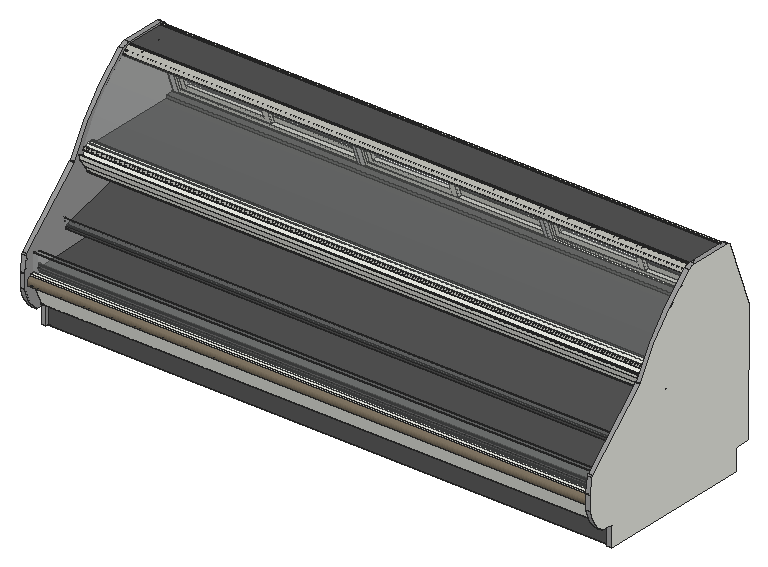
Revit family "CR3-B_2014", category Specialty Equipment, Revit 2014
Parameters (values of type "12'-0" Length")
  Width = 144"
  Waste Drain = 1 1/2"  # constant formula
  Upper Drain = if(Width = 48", 32", if(Width = 72", 44", if(Width = 96", 56", if(Width = 120", 56", if(Width = 144", 77", 0")))))  # 77"
  URL = "www.hussmann.com"
  Type Comments = "Chino"  # constant formula
  Trim = Stainless Steel
  Total Weight = Case Weight + (2 * End Weight)  # 0.00 lbf
  Splashguard = Textured Sheet Metal (Steel Painted) - 701 Black
  Side Panel - Right [instance] = yes
  Side Panel - Left [instance] = yes
  Shelves = Sheet Metal (Steel Painted) - 701 Black
  Revit Family Date = "04/20/2016"  # constant formula
  Refrigeration Lines Suction = 5/8"  # constant formula
  Refrigeration Lines Liquid = 3/8"  # constant formula
  Refrig. Suction = "Suction"
  Refrig. Liquid = "Liquid"
  Number of Supports = if(Width < 70", 2, if(Width < 140", 3, 4))  # 4
  Note from Manufacturer = "This model only comes in 4'-0\", 6'-0\", 8'-0\", 10'-0\" and 12'-0\" lengths."
  Model URL = "http://www.hussmann.com/en/product%20viewer/display-cases/R3B,%20CR3B"
  Model = "CR3-B"  # constant formula
  Manufacturer Disclaimer = "The information in this file is not intended to be an exact representation of the corresponding Hussmann product.  Further, we reserve the right to change or revise specifications and product design in connection with any feature of our products. Such changes do not entitle the buyer to corresponding changes, improvements, additions, or replacements for equipment previously sold or shipped."  # constant formula
  Manufacturer = "Hussmann Corporation"  # constant formula
  Lower Drain = if(Width = 48", 7", if(Width = 72", 41", if(Width = 96", 53", if(Width = 120", 53", if(Width = 144", 65", 0")))))  # 65"
  Height = 53"  # constant formula
  Glazing = Glass
  Ends = Textured Sheet Metal (Steel Painted) - 149 White Satin Matte
  End Weight = 0.00 lbf  # constant formula
  Door Frame = Plastic - 144 Mist Gray
  Description = "Refrigerated Service and Self-Service Bakery Merchandiser with Rear Storage - Curved Glass"  # constant formula
  Depth = 50 1/16"  # constant formula
  Cutsheet URL = "http://www.hussmann.com/en/Product%20Sheets/R3_Family_Selection_Guide_042012_En.pdf"
  Case Weight = if(Width = 48", 0.00 lbf, if(Width = 72", 0.00 lbf, if(Width = 96", 0.00 lbf, if(Width = 120", 0.00 lbf, if(Width = 144", 0.00 lbf, 0.00 lbf)))))  # 0.00 lbf
  Case Interior - Side Panel = Stainless Steel
  Case Interior - Back Panel = Stainless Steel
  Case = Textured Sheet Metal (Steel Painted) - 149 White Satin Matte
  Bumper = Extruded PVC - 747 Chocolate Brown
  Assembly Code = ""
  Accessories/Options = ""
  8 Case = Width = 96"  # no
  6 Case = Width = 72"  # no
  4 Case = Width = 48"  # no
  12 Case = Width = 144"  # yes
  10 Case = Width = 120"  # no
Reference planes (in)
  plane 1 "Back": y = 0
  plane 2 "Bottom": z = 0
  plane 3 "Left": x = -77.30699
  plane 4 "Center (Left/Right)": x = -5.30699
  plane 5: x = -78.43199
  plane 6 "Right": x = 66.69301
  plane 7: x = 67.81801
  plane 8: z = 53
  plane 9: y = -50.0625
Forms (in)
  Extrusion 1, solid, material "Metal - Copper"
    sketch origin (63.0625, 1.04319, 0) x (1, 0, 0) y (0, 1, 0)
      loop
        arc (-76.49449, -39.16819) -> (-77.02482, -39.38786) -> (-77.24449, -39.91819) r 0.75
        arc (-77.24449, -39.91819) -> (-77.02482, -40.44852) -> (-76.49449, -40.66819) r 0.75
        arc (-76.49449, -40.66819) -> (-75.96416, -40.44852) -> (-75.74449, -39.91819) r 0.75
        arc (-75.74449, -39.91819) -> (-75.96416, -39.38786) -> (-76.49449, -39.16819) r 0.75
      loop
        circle (-76.49449, -39.91819) r 0.7102
    from 5.98508 to 0
  Extrusion 2, solid, material "Metal - Copper"
    sketch origin (57.40105, 5, -0.375) x (1, 0, 0) y (0, 1, 0)
      loop
        circle (2.97946, -42.125) r 0.28859
      loop
        circle (2.97946, -42.125) r 0.3125
    from 6.36008 to 0.375
  Extrusion 3, solid, material "Metal - Copper"
    sketch origin (59.82608, 5, -0.375) x (1, 0, 0) y (0, 1, 0)
      loop
        circle (1.05443, -42.125) r 0.17188
      loop
        circle (1.05443, -42.125) r 0.1875
    from 6.36008 to 0.375
  Extrusion 4, solid, material "Textured Sheet Metal (Steel Painted) - 149 White Satin Matte" <- "Case"
    sketch origin (-5.30699, 0, 0) x (0, 1, 0) y (0, 0, 1)
      loop
        line (-33.36568, 34.61012) -> (-33.04856, 33.47902) -> (-31.7032, 31.45909) -> (-31.64948, 31.49094) -> (-30.7947, 30.01115) -> (-30.8313, 29.99002) -> (-30.69968, 29.76205)
        arc (-30.69968, 29.76205) -> (-30.66021, 29.73177) -> (-30.61089, 29.73826) r 0.065
        line (-30.61089, 29.73826) -> (-29.77517, 30.22076)
        arc (-29.77517, 30.22076) -> (-29.74489, 30.26023) -> (-29.75138, 30.30955) r 0.065
        line (-29.75138, 30.30955) -> (-29.85311, 30.48575)
        arc (-29.85311, 30.48575) -> (-29.85611, 30.50851) -> (-29.84213, 30.52673) r 0.03
        line (-29.84213, 30.52673) -> (-29.62575, 30.65165) -> (-28.74969, 30.65165) -> (-27.92081, 30.17255) -> (-25.08971, 27.77832)
        arc (-25.08971, 27.77832) -> (-25.07009, 27.76692) -> (-25.04774, 27.76295) r 0.065
        line (-25.04774, 27.76295) -> (-22.46115, 27.76295) -> (-21.49557, 26.79737) -> (-21.49557, 24.19301) -> (-21.62938, 23.48803)
        arc (-21.62938, 23.48803) -> (-21.57491, 23.41154) -> (-21.50086, 23.46931) r 0.065
        line (-21.50086, 23.46931) -> (-21.46057, 23.8667) -> (-21.46057, 24.58807) -> (-21.33057, 24.58807) -> (-21.33057, 28.20482) -> (-18.84907, 28.20482) -> (-18.84907, 11.22133) -> (-19.81272, 11.22133) -> (-19.81272, 10.98732) -> (-18.87522, 10.98732) -> (-18.87522, 8.47125) -> (-19.73888, 7.60758) -> (-45.15796, 7.60758) -> (-45.15796, 12.7762) -> (-44.11572, 12.7762) -> (-44.11572, 12.67958) -> (-44.18605, 12.4171) -> (-44.12568, 12.40092) -> (-44.05322, 12.67135) -> (-44.05322, 12.89308) -> (-43.99511, 12.89308) -> (-43.99511, 13.23808)
        arc (-43.99511, 13.23808) -> (-44.02205, 13.30313) -> (-44.08711, 13.33008) r 0.092
        line (-44.08711, 13.33008) -> (-44.43211, 13.33008) -> (-44.43211, 13.92649)
        arc (-44.43211, 13.92649) -> (-44.45905, 13.99154) -> (-44.52411, 14.01849) r 0.092
        line (-44.52411, 14.01849) -> (-45.46611, 14.01849)
        arc (-45.46611, 14.01849) -> (-45.53116, 13.99154) -> (-45.55811, 13.92649) r 0.092
        line (-45.55811, 13.92649) -> (-45.55811, 13.33008) -> (-45.99511, 13.33008) -> (-45.99511, 13.26808) -> (-47.2961, 13.26808) -> (-47.61711, 13.58908) -> (-47.61711, 13.96008) -> (-47.67961, 13.96008) -> (-47.67961, 13.11258) -> (-48.16704, 13.11258) -> (-48.16704, 14.20466)
        arc (-48.16704, 14.20466) -> (-48.19413, 14.27007) -> (-48.25954, 14.29716) r 0.0925
        line (-48.25954, 14.29716) -> (-48.9713, 14.29716)
        arc (-48.9713, 14.29716) -> (-49.03671, 14.27007) -> (-49.0638, 14.20466) r 0.0925
        line (-49.0638, 14.20466) -> (-49.0638, 11.58133)
        arc (-49.0638, 11.58133) -> (-49.03671, 11.51592) -> (-48.9713, 11.48883) r 0.0925
        line (-48.9713, 11.48883) -> (-48.01131, 11.48883) -> (-45.35429, 5.77636)
        arc (-45.35429, 5.77636) -> (-45.29258, 5.73883) -> (-45.23429, 5.78148) r 0.065
        line (-45.23429, 5.78148) -> (-45.15996, 5.98508) -> (-3.85387, 5.98508) -> (-3.85387, 5.91108) -> (-3.07295, 5.91108)
        arc (-3.07295, 5.91108) -> (-3.03315, 5.91899) -> (-2.99941, 5.94154) r 0.104
        line (-2.99941, 5.94154) -> (-2.31033, 6.63062)
        arc (-2.31033, 6.63062) -> (-2.28779, 6.66436) -> (-2.27987, 6.70416) r 0.104
        line (-2.27987, 6.70416) -> (-2.27987, 7.41108) -> (-0.92787, 7.41108) -> (-0.92787, 6.49062) -> (-1.0286, 5.91937)
        arc (-1.0286, 5.91937) -> (-1.01438, 5.8663) -> (-0.96459, 5.84308) r 0.065
        line (-0.96459, 5.84308) -> (-0.33657, 5.84308)
        arc (-0.33657, 5.84308) -> (-0.29061, 5.86212) -> (-0.27157, 5.90808) r 0.065
        line (-0.27157, 5.90808) -> (-0.27157, 7.54708) -> (-18.65057, 7.54708) -> (-18.65057, 28.41908) -> (-0.20665, 28.41908) -> (-0.20665, 35.15451) -> (-0.27598, 35.41322) -> (-0.062, 35.41322) -> (-0.062, 35.28806) -> (-0.08379, 35.03772) -> (-0.02202, 35.03232) -> (0, 35.28405) -> (0, 35.91542)
        arc (0, 35.91542) -> (-0.0014, 35.9314) -> (-0.00555, 35.94689) r 0.092
        line (-0.00555, 35.94689) -> (-0.11802, 36.2559)
        arc (-0.11802, 36.2559) -> (-0.16559, 36.30782) -> (-0.23594, 36.31089) r 0.092
        line (-0.23594, 36.31089) -> (-2.27433, 35.56897) -> (-4.51597, 35.56897)
        arc (-4.51597, 35.56897) -> (-4.57511, 35.54745) -> (-4.60657, 35.49295) r 0.092
        line (-4.60657, 35.49295) -> (-4.70058, 34.95983) -> (-4.63952, 34.94906) -> (-4.54551, 35.48218)
        arc (-4.54551, 35.48218) -> (-4.53525, 35.49995) -> (-4.51597, 35.50697) r 0.03
        line (-4.51597, 35.50697) -> (-2.98133, 35.50697) -> (-2.94721, 35.41322) -> (-3.2434, 35.41322)
        arc (-3.2434, 35.41322) -> (-3.31694, 35.38276) -> (-3.3474, 35.30922) r 0.104
        line (-3.3474, 35.30922) -> (-3.3474, 34.77931) -> (-26.31188, 34.77931)
        arc (-26.31188, 34.77931) -> (-26.33441, 34.85188) -> (-26.40369, 34.88308) r 0.0925
        line (-26.40369, 34.88308) -> (-29.81917, 34.88308) -> (-29.81917, 35.15653) -> (-29.81917, 36.32406)
        arc (-29.81917, 36.32406) -> (-29.8382, 36.37002) -> (-29.88417, 36.38906) r 0.065
        line (-29.88417, 36.38906) -> (-30.59463, 36.38906)
        arc (-30.59463, 36.38906) -> (-30.62338, 36.38236) -> (-30.6462, 36.36363) r 0.065
        line (-30.6462, 36.36363) -> (-31.5477, 35.18877) -> (-31.50775, 35.15812) -> (-32.26162, 34.17566)
        arc (-32.26162, 34.17566) -> (-32.27842, 34.16475) -> (-32.29834, 34.16684) r 0.03
        line (-32.29834, 34.16684) -> (-33.08729, 34.5431) -> (-33.06355, 34.60387) -> (-33.27944, 34.68821)
        arc (-33.27944, 34.68821) -> (-33.34673, 34.67585) -> (-33.36568, 34.61012) r 0.065
      loop
        line (-7.7013, 52.90428) -> (-17.15757, 52.90428) -> (-17.15757, 50.81867) -> (-15.27268, 50.81867)
        arc (-15.27268, 50.81867) -> (-15.31864, 50.79963) -> (-15.33768, 50.75367) r 0.065
        line (-15.33768, 50.75367) -> (-15.33768, 49.56367)
        arc (-15.33768, 49.56367) -> (-15.31864, 49.51771) -> (-15.27268, 49.49867) r 0.065
        line (-15.27268, 49.49867) -> (-14.92768, 49.49867) -> (-14.92768, 49.53609)
        arc (-14.92768, 49.53609) -> (-14.89911, 49.53742) -> (-14.88107, 49.55961) r 0.035
        line (-14.88107, 49.55961) -> (-14.67768, 50.31867) -> (-13.55268, 50.31867) -> (-13.34925, 49.55947)
        arc (-13.34925, 49.55947) -> (-13.33673, 49.54086) -> (-13.31548, 49.53367) r 0.035
        line (-13.31548, 49.53367) -> (-12.94048, 49.53367) -> (-12.94048, 49.57098)
        arc (-12.94048, 49.57098) -> (-12.90599, 49.59425) -> (-12.89268, 49.63367) r 0.065
        line (-12.89268, 49.63367) -> (-12.89268, 50.75367)
        arc (-12.89268, 50.75367) -> (-12.91172, 50.79963) -> (-12.95768, 50.81867) r 0.065
        line (-12.95768, 50.81867) -> (-8.18319, 50.81867) -> (-8.3657, 50.31723)
        arc (-8.3657, 50.31723) -> (-8.3631, 50.25759) -> (-8.31908, 50.21726) r 0.078
        line (-8.31908, 50.21726) -> (-7.21684, 49.81607)
        arc (-7.21684, 49.81607) -> (-7.19016, 49.81137) -> (-7.16349, 49.81607) r 0.078
        line (-7.16349, 49.81607) -> (-5.87825, 50.28386)
        arc (-5.87825, 50.28386) -> (-5.83424, 50.32419) -> (-5.83163, 50.38383) r 0.078
        arc (-5.83163, 50.38383) -> (-5.78406, 50.33192) -> (-5.71372, 50.32885) r 0.092
        line (-5.71372, 50.32885) -> (-5.41208, 50.43863)
        arc (-5.41208, 50.43863) -> (-5.36016, 50.4862) -> (-5.35709, 50.55655) r 0.092
        line (-5.35709, 50.55655) -> (-6.30348, 53.15672)
        arc (-6.30348, 53.15672) -> (-6.41404, 53.30081) -> (-6.58726, 53.35543) r 0.302
        line (-6.58726, 53.35543) -> (-7.1713, 53.35543)
        arc (-7.1713, 53.35543) -> (-7.23635, 53.32848) -> (-7.2633, 53.26343) r 0.092
        line (-7.2633, 53.26343) -> (-7.2633, 52.98303) -> (-7.6233, 52.98303)
        arc (-7.6233, 52.98303) -> (-7.67872, 52.95992) -> (-7.7013, 52.90428) r 0.078
    from 72 to -72
  Extrusion 5, solid, material "Sheet Metal (Steel Painted) - 701 Black" <- "Shelves"
    sketch origin (-5.30699, 0, 0) x (0, 1, 0) y (0, 0, 1)
      loop
        line (-46.30462, 14.45678) -> (-46.29104, 14.03416) -> (-20.77257, 14.85426) -> (-20.77257, 24.58807) -> (-21.46057, 24.58807) -> (-21.46057, 15.29022) -> (-46.30575, 14.49176)
        arc (-46.30575, 14.49176) -> (-46.32723, 14.49986) -> (-46.3367, 14.52078) r 0.03
        line (-46.3367, 14.52078) -> (-46.36785, 15.49028)
        arc (-46.36785, 15.49028) -> (-46.44056, 15.55273) -> (-46.49644, 15.47486) r 0.065
        line (-46.49644, 15.47486) -> (-46.42607, 15.13915) -> (-46.39182, 15.14633) -> (-46.37168, 14.51966)
        arc (-46.37168, 14.51966) -> (-46.35117, 14.47433) -> (-46.30462, 14.45678) r 0.065
    from 72 to -72
  Extrusion 6, solid, material "Sheet Metal (Steel Painted) - 701 Black" <- "Shelves"
    sketch origin (-5.30699, 0, 0) x (0, 1, 0) y (0, 0, 1)
      loop
        arc (-37.37591, 20.55304) -> (-37.41386, 20.52392) -> (-37.4201, 20.4765) r 0.0625
        line (-37.4201, 20.4765) -> (-37.20032, 19.65628) -> (-37.45375, 19.58853) -> (-37.62233, 20.31883) -> (-37.68275, 20.30488) -> (-37.51403, 19.5741)
        arc (-37.51403, 19.5741) -> (-37.48555, 19.53491) -> (-37.43757, 19.52816) r 0.062
        line (-37.43757, 19.52816) -> (-36.59239, 19.75463) -> (-36.60996, 19.82019)
        arc (-36.60996, 19.82019) -> (-36.5977, 19.83875) -> (-36.59726, 19.86099) r 0.04
        line (-36.59726, 19.86099) -> (-36.77098, 20.52878) -> (-35.92628, 20.75209) -> (-35.88731, 20.60665) -> (-35.804, 20.62897)
        arc (-35.804, 20.62897) -> (-35.77744, 20.62547) -> (-35.76113, 20.60422) r 0.035
        line (-35.76113, 20.60422) -> (-35.68092, 20.30489)
        arc (-35.68092, 20.30489) -> (-35.66826, 20.27965) -> (-35.64666, 20.26146) r 0.07
        line (-35.64666, 20.26146) -> (-35.12588, 19.97927)
        arc (-35.12588, 19.97927) -> (-35.04917, 19.98586) -> (-35.02491, 20.05893) r 0.07
        line (-35.02491, 20.05893) -> (-35.07702, 20.25341) -> (-21.79848, 23.74887)
        arc (-21.79848, 23.74887) -> (-21.76053, 23.77799) -> (-21.75428, 23.82542) r 0.0625
        line (-21.75428, 23.82542) -> (-21.9484, 24.54987)
        arc (-21.9484, 24.54987) -> (-21.97752, 24.58782) -> (-22.02494, 24.59406) r 0.0625
        line (-22.02494, 24.59406) -> (-37.37591, 20.55304)
    from 72 to -72
  Extrusion 7, solid, material "Glass" <- "Glazing"
    sketch origin (-5.30699, 0, 0) x (0, 1, 0) y (0, 0, 1)
      loop
        line (-38.15322, 22.24812) -> (-37.44146, 19.59182) -> (-37.19994, 19.65639) -> (-37.91173, 22.31283)
        arc (-37.91173, 22.31283) -> (-38.06483, 22.40122) -> (-38.15322, 22.24812) r 0.125
    from 72 to -72
  Extrusion 8, solid, material "Glass" <- "Glazing"
    sketch origin (-5.30699, 0, 0) x (0, 1, 0) y (0, 0, 1)
      loop
        line (-48.16704, 18.6907) -> (-48.16704, 13.11258) -> (-47.67961, 13.11258) -> (-47.67961, 18.61243)
        arc (-47.67961, 18.61243) -> (-47.88997, 18.85926) -> (-48.16704, 18.6907) r 0.25
    from 72 to -72
  Extrusion 9, solid, material "Extruded PVC - 747 Chocolate Brown" <- "Bumper"
    sketch origin (-5.30699, 0, 0) x (0, 1, 0) y (0, 0, 1)
      loop
        arc (-49.0638, 13.97878) -> (-50.0638, 12.72878) -> (-49.0638, 11.47878) r 1.28125
        line (-49.0638, 11.47878) -> (-49.0638, 13.97878)
    from 72 to -72
  Extrusion 10, solid, material "Sheet Metal (Steel Painted) - 701 Black" <- "Shelves"
    sketch origin (-5.30699, 0, 0) x (0, 1, 0) y (0, 0, 1)
      loop
        line (-7.38303, 53.29798) -> (-17.05429, 53.29798) -> (-17.09366, 53.25861) -> (-17.09366, 53.02831) -> (-16.98879, 52.90767) -> (-16.79783, 52.90767) -> (-16.73329, 52.98302) -> (-7.38303, 52.98302) -> (-7.34366, 53.02239) -> (-7.34366, 53.25861) -> (-7.38303, 53.29798)
    from 72 to -72
  Extrusion 11, solid, material "Plastic - 144 Mist Gray" <- "Door Frame"
    sketch origin (-5.30699, 0, 0) x (0, 1, 0) y (0, 0, 1)
      loop
        arc (-17.49697, 53.1507) -> (-18.54539, 52.68834) -> (-19.29571, 51.82233) r 2.61653
        arc (-19.29571, 51.82233) -> (-19.29445, 51.78042) -> (-19.25613, 51.76342) r 0.03937
        line (-19.25613, 51.76342) -> (-18.51624, 52.31424)
        arc (-18.51624, 52.31424) -> (-18.45713, 52.32888) -> (-18.40525, 52.29699) r 0.07874
        line (-18.40525, 52.29699) -> (-18.34364, 52.21115) -> (-18.47144, 52.20306) -> (-18.52318, 52.0834) -> (-18.46607, 52.00655)
        arc (-18.46607, 52.00655) -> (-18.45877, 51.97699) -> (-18.47474, 51.95106) r 0.03937
        line (-18.47474, 51.95106) -> (-19.08152, 51.51636)
        arc (-19.08152, 51.51636) -> (-19.10548, 51.47747) -> (-19.09453, 51.43313) r 0.05906
        line (-19.09453, 51.43313) -> (-19.0247, 51.33916)
        arc (-19.0247, 51.33916) -> (-19.01177, 51.33143) -> (-18.99716, 51.33511) r 0.01968
        line (-18.99716, 51.33511) -> (-18.85771, 51.43873) -> (-18.46135, 50.90539)
        arc (-18.46135, 50.90539) -> (-18.36955, 50.82255) -> (-18.25293, 50.78144) r 0.31496
        line (-18.25293, 50.78144) -> (-17.55726, 50.68243)
        arc (-17.55726, 50.68243) -> (-16.71595, 50.65724) -> (-15.88988, 50.81867) r 3.78388
        line (-15.88988, 50.81867) -> (-17.15757, 50.81867) -> (-17.15757, 52.90428) -> (-16.98584, 52.90428) -> (-17.05429, 52.98302) -> (-17.15757, 52.98302) -> (-17.15757, 53.25468)
        arc (-17.15757, 53.25468) -> (-17.16334, 53.2686) -> (-17.17726, 53.27436) r 0.01969
        line (-17.17726, 53.27436) -> (-17.25732, 53.27436)
        arc (-17.25732, 53.27436) -> (-17.42938, 53.04596) -> (-17.51513, 52.77317) r 0.84252
        line (-17.51513, 52.77317) -> (-17.59951, 52.73458)
        arc (-17.59951, 52.73458) -> (-17.55933, 52.93486) -> (-17.47617, 53.12143) r 0.9252
        arc (-17.47617, 53.12143) -> (-17.47711, 53.14278) -> (-17.49697, 53.1507) r 0.01969
      loop
        line (-31.87752, 36.07762) -> (-32.16562, 35.41886)
        arc (-32.16562, 35.41886) -> (-32.16655, 35.37142) -> (-32.13366, 35.33722) r 0.062
        line (-32.13366, 35.33722) -> (-31.90583, 35.23932)
        arc (-31.90583, 35.23932) -> (-31.85882, 35.23852) -> (-31.82477, 35.27094) r 0.062
        line (-31.82477, 35.27094) -> (-31.81081, 35.30212)
        arc (-31.81081, 35.30212) -> (-31.77657, 35.33462) -> (-31.72938, 35.33359) r 0.062
        line (-31.72938, 35.33359) -> (-31.66062, 35.30352)
        arc (-31.66062, 35.30352) -> (-31.60412, 35.35531) -> (-31.62151, 35.42996) r 0.07595
        line (-31.62151, 35.42996) -> (-31.59869, 35.48241) -> (-31.44325, 35.32489) -> (-31.31043, 35.49799) -> (-31.47165, 35.76115)
        arc (-31.47165, 35.76115) -> (-31.40993, 35.80155) -> (-31.41091, 35.87531) r 0.07661
        line (-31.41091, 35.87531) -> (-31.56422, 35.94129)
        arc (-31.56422, 35.94129) -> (-31.58311, 35.9432) -> (-31.59957, 35.93374) r 0.031
        arc (-31.59957, 35.93374) -> (-31.7414, 35.61455) -> (-31.88043, 35.29414) r 40
        line (-31.88043, 35.29414) -> (-32.10949, 35.39432)
        arc (-32.10949, 35.39432) -> (-31.96634, 35.72409) -> (-31.82025, 36.05257) r 40.25
        line (-31.82025, 36.05257) -> (-31.87752, 36.07762)
    from 72 to -72
  Extrusion 12, solid, material "Textured Sheet Metal (Steel Painted) - 701 Black" <- "Splashguard"
    sketch origin (-5.30699, 0, 0) x (0, 1, 0) y (0, 0, 1)
      loop
        arc (-43.33825, 5.48508) -> (-43.363, 5.47483) -> (-43.37325, 5.45008) r 0.035
        line (-43.37325, 5.45008) -> (-43.37325, 0.02008)
        arc (-43.37325, 0.02008) -> (-43.363, -0.00467) -> (-43.33825, -0.01492) r 0.035
        line (-43.33825, -0.01492) -> (-42.83825, -0.01492)
        arc (-42.83825, -0.01492) -> (-42.8135, -0.00467) -> (-42.80325, 0.02008) r 0.035
        line (-42.80325, 0.02008) -> (-42.80325, 0.39508) -> (-42.88512, 0.39508) -> (-42.88512, 5.07508) -> (-42.80325, 5.07508) -> (-42.80325, 5.45008)
        arc (-42.80325, 5.45008) -> (-42.8135, 5.47483) -> (-42.83825, 5.48508) r 0.035
        line (-42.83825, 5.48508) -> (-43.33825, 5.48508)
      loop
        line (-4.19387, 5.48508) -> (-4.19387, 0.45495) -> (-3.8561, 0.05241) -> (-3.47425, -0.01492) -> (-3.46817, 0.01955) -> (-3.83748, 0.08467) -> (-4.15887, 0.46769) -> (-4.15887, 5.48508) -> (-4.19387, 5.48508)
    from 72 to -72
  Extrusion 13, solid, material "Sheet Metal (Steel Painted) - 701 Black" <- "Shelves"
    sketch origin (-5.30699, 0, 0) x (0, 1, 0) y (0, 0, 1)
      loop
        line (-29.74078, 34.97147) -> (-29.74078, 34.93647) -> (-5.49078, 34.93647) -> (-5.49078, 35.53397)
        arc (-5.49078, 35.53397) -> (-5.46603, 35.54422) -> (-5.45578, 35.56897) r 0.035
        line (-5.45578, 35.56897) -> (-5.45578, 36.31897) -> (-3.33078, 36.31897) -> (-3.07054, 35.60397) -> (-3.57054, 35.60397) -> (-3.57054, 35.56897) -> (-3.07054, 35.56897)
        arc (-3.07054, 35.56897) -> (-3.04185, 35.58394) -> (-3.03769, 35.61603) r 0.035
        line (-3.03769, 35.61603) -> (-3.29789, 36.33094)
        arc (-3.29789, 36.33094) -> (-3.31071, 36.34764) -> (-3.33078, 36.35397) r 0.035
        line (-3.33078, 36.35397) -> (-5.45578, 36.35397)
        arc (-5.45578, 36.35397) -> (-5.48053, 36.34372) -> (-5.49078, 36.31897) r 0.035
        line (-5.49078, 36.31897) -> (-5.49078, 35.56897) -> (-29.30328, 35.56897) -> (-29.30328, 35.91762) -> (-29.26845, 35.91457) -> (-29.23379, 36.31071)
        arc (-29.23379, 36.31071) -> (-29.28354, 36.37007) -> (-29.33828, 36.31528) r 0.0525
        line (-29.33828, 36.31528) -> (-29.33828, 35.56897)
        arc (-29.33828, 35.56897) -> (-29.32803, 35.54422) -> (-29.30328, 35.53397) r 0.035
        line (-29.30328, 35.53397) -> (-29.74078, 34.97147)
    from 72 to -72
  Extrusion 14, solid, material "Glass" <- "Glazing"
    sketch origin (-5.30699, 0, 0) x (0, 1, 0) y (0, 0, 1)
      loop
        line (-18.51005, 51.97852) -> (-18.65626, 52.18131)
        arc (-18.65626, 52.18131) -> (-26.52546, 44.70291) -> (-32.10984, 35.39349) r 40.25
        line (-32.10984, 35.39349) -> (-31.88007, 35.29497)
        arc (-31.88007, 35.29497) -> (-26.33037, 44.54657) -> (-18.51005, 51.97852) r 40
    from 72 to -72
  Extrusion 15, solid, material "Metal - Copper"
    sketch origin (-56.6875, 24.04319, 0) x (1, 0, 0) y (0, 1, 0)
      loop
        arc (56.38051, -40.66819) -> (55.85018, -40.88786) -> (55.63051, -41.41819) r 0.75
        arc (55.63051, -41.41819) -> (55.85018, -41.94852) -> (56.38051, -42.16819) r 0.75
        arc (56.38051, -42.16819) -> (56.91084, -41.94852) -> (57.13051, -41.41819) r 0.75
        arc (57.13051, -41.41819) -> (56.91084, -40.88786) -> (56.38051, -40.66819) r 0.75
      loop
        circle (56.38051, -41.41819) r 0.7102
    from 5.98508 to 0
  Extrusion 16, solid, material "Glass" <- "Glazing"
    sketch origin (-5.30699, 0, 0) x (0, 1, 0) y (0, 0, 1)
      loop
        line (-46.46518, 18.51872) -> (-46.3367, 14.52078) -> (-46.08683, 14.52881) -> (-46.21531, 18.52675) -> (-46.46518, 18.51872)
    from 72 to -72
  Extrusion 17, solid, material "Stainless Steel" <- "Case Interior - Back Panel", visible <- "12 Case"
    sketch origin (-77.30699, 0, 0) x (0, 1, 0) y (0, 0, 1)
      loop
        line (-3.0039, 35.56897) -> (-2.27433, 35.56897) -> (-0.17956, 36.33141) -> (-5.4525, 50.81867) -> (-8.55461, 50.81867) -> (-3.0039, 35.56897)
    from 144 to 143.5
  Extrusion 18, solid, material "Stainless Steel" <- "Case Interior - Back Panel", visible <- "12 Case"
    sketch origin (-77.30699, 0, 0) x (0, 1, 0) y (0, 0, 1)
      loop
        line (-3.0039, 35.56897) -> (-2.27433, 35.56897) -> (-0.17956, 36.33141) -> (-5.4525, 50.81867) -> (-8.55461, 50.81867) -> (-3.0039, 35.56897)
    from 96.5 to 95.5
  Extrusion 19, solid, material "Stainless Steel" <- "Case Interior - Back Panel", visible <- "12 Case"
    sketch origin (-77.30699, 0, 0) x (0, 1, 0) y (0, 0, 1)
      loop
        line (-3.0039, 35.56897) -> (-2.27433, 35.56897) -> (-0.17956, 36.33141) -> (-5.4525, 50.81867) -> (-8.55461, 50.81867) -> (-3.0039, 35.56897)
    from 48.5 to 47.5
  Extrusion 20, solid, material "Stainless Steel" <- "Case Interior - Back Panel", visible <- "12 Case"
    sketch origin (-77.30699, 0, 0) x (0, 1, 0) y (0, 0, 1)
      loop
        line (-3.0039, 35.56897) -> (-2.27433, 35.56897) -> (-0.17956, 36.33141) -> (-5.4525, 50.81867) -> (-8.55461, 50.81867) -> (-3.0039, 35.56897)
    from 0.5 to 0
  Extrusion 21, solid, material "Stainless Steel" <- "Case Interior - Back Panel", visible <- "12 Case", not visible
    sketch origin (-77.30699, 0, 0) x (0, 1, 0) y (0, 0, 1)
      loop
        line (-3.0039, 35.56897) -> (-2.27433, 35.56897) -> (-0.17956, 36.33141) -> (-5.4525, 50.81867) -> (-8.55461, 50.81867) -> (-3.0039, 35.56897)
    from 144 to 143.5
  Extrusion 22, solid, material "Stainless Steel" <- "Case Interior - Back Panel", visible <- "12 Case", not visible
    sketch origin (-77.30699, 0, 0) x (0, 1, 0) y (0, 0, 1)
      loop
        line (-3.0039, 35.56897) -> (-2.27433, 35.56897) -> (-0.17956, 36.33141) -> (-5.4525, 50.81867) -> (-8.55461, 50.81867) -> (-3.0039, 35.56897)
    from 96.5 to 95.5
  Extrusion 23, solid, material "Stainless Steel" <- "Case Interior - Back Panel", visible <- "12 Case", not visible
    sketch origin (-77.30699, 0, 0) x (0, 1, 0) y (0, 0, 1)
      loop
        line (-3.0039, 35.56897) -> (-2.27433, 35.56897) -> (-0.17956, 36.33141) -> (-5.4525, 50.81867) -> (-8.55461, 50.81867) -> (-3.0039, 35.56897)
    from 48.5 to 47.5
  Extrusion 24, solid, material "Stainless Steel" <- "Case Interior - Back Panel", visible <- "12 Case", not visible
    sketch origin (-77.30699, 0, 0) x (0, 1, 0) y (0, 0, 1)
      loop
        line (-3.0039, 35.56897) -> (-2.27433, 35.56897) -> (-0.17956, 36.33141) -> (-5.4525, 50.81867) -> (-8.55461, 50.81867) -> (-3.0039, 35.56897)
    from 0.5 to 0
  Extrusion 25, solid, material "Stainless Steel" <- "Case Interior - Back Panel", visible <- "10 Case"
    sketch origin (-77.30699, 0, 0) x (0, 1, 0) y (0, 0, 1)
      loop
        line (-3.0039, 35.56897) -> (-2.27433, 35.56897) -> (-0.17956, 36.33141) -> (-5.4525, 50.81867) -> (-8.55461, 50.81867) -> (-3.0039, 35.56897)
    from 120 to 119.5
  Extrusion 26, solid, material "Stainless Steel" <- "Case Interior - Back Panel", visible <- "10 Case"
    sketch origin (-77.30699, 0, 0) x (0, 1, 0) y (0, 0, 1)
      loop
        line (-3.0039, 35.56897) -> (-2.27433, 35.56897) -> (-0.17956, 36.33141) -> (-5.4525, 50.81867) -> (-8.55461, 50.81867) -> (-3.0039, 35.56897)
    from 60.5 to 59.5
  Extrusion 27, solid, material "Stainless Steel" <- "Case Interior - Back Panel", visible <- "10 Case"
    sketch origin (-77.30699, 0, 0) x (0, 1, 0) y (0, 0, 1)
      loop
        line (-3.0039, 35.56897) -> (-2.27433, 35.56897) -> (-0.17956, 36.33141) -> (-5.4525, 50.81867) -> (-8.55461, 50.81867) -> (-3.0039, 35.56897)
    from 0.5 to 0
  Extrusion 28, solid, material "Stainless Steel" <- "Case Interior - Back Panel", visible <- "10 Case", not visible
    sketch origin (-170.99499, 0, 0) x (0, 1, 0) y (0, 0, 1)
      loop
        line (-3.0039, 35.56897) -> (-2.27433, 35.56897) -> (-0.17956, 36.33141) -> (-5.4525, 50.81867) -> (-8.55461, 50.81867) -> (-3.0039, 35.56897)
    from 120 to 119.5
  Extrusion 29, solid, material "Stainless Steel" <- "Case Interior - Back Panel", visible <- "10 Case", not visible
    sketch origin (-170.99499, 0, 0) x (0, 1, 0) y (0, 0, 1)
      loop
        line (-3.0039, 35.56897) -> (-2.27433, 35.56897) -> (-0.17956, 36.33141) -> (-5.4525, 50.81867) -> (-8.55461, 50.81867) -> (-3.0039, 35.56897)
    from 60.5 to 59.5
  Extrusion 30, solid, material "Stainless Steel" <- "Case Interior - Back Panel", visible <- "10 Case", not visible
    sketch origin (-170.99499, 0, 0) x (0, 1, 0) y (0, 0, 1)
      loop
        line (-3.0039, 35.56897) -> (-2.27433, 35.56897) -> (-0.17956, 36.33141) -> (-5.4525, 50.81867) -> (-8.55461, 50.81867) -> (-3.0039, 35.56897)
    from 0.5 to 0
  Extrusion 31, solid, material "Stainless Steel" <- "Case Interior - Back Panel", visible <- "8 Case"
    sketch origin (-77.30699, 0, 0) x (0, 1, 0) y (0, 0, 1)
      loop
        line (-3.0039, 35.56897) -> (-2.27433, 35.56897) -> (-0.17956, 36.33141) -> (-5.4525, 50.81867) -> (-8.55461, 50.81867) -> (-3.0039, 35.56897)
    from 96 to 95.5
  Extrusion 32, solid, material "Stainless Steel" <- "Case Interior - Back Panel", visible <- "8 Case"
    sketch origin (-77.30699, 0, 0) x (0, 1, 0) y (0, 0, 1)
      loop
        line (-3.0039, 35.56897) -> (-2.27433, 35.56897) -> (-0.17956, 36.33141) -> (-5.4525, 50.81867) -> (-8.55461, 50.81867) -> (-3.0039, 35.56897)
    from 48.5 to 47.5
  Extrusion 33, solid, material "Stainless Steel" <- "Case Interior - Back Panel", visible <- "8 Case"
    sketch origin (-77.30699, 0, 0) x (0, 1, 0) y (0, 0, 1)
      loop
        line (-3.0039, 35.56897) -> (-2.27433, 35.56897) -> (-0.17956, 36.33141) -> (-5.4525, 50.81867) -> (-8.55461, 50.81867) -> (-3.0039, 35.56897)
    from 0.5 to 0
  Extrusion 34, solid, material "Stainless Steel" <- "Case Interior - Back Panel", visible <- "8 Case", not visible
    sketch origin (-77.30699, 0, 0) x (0, 1, 0) y (0, 0, 1)
      loop
        line (-3.0039, 35.56897) -> (-2.27433, 35.56897) -> (-0.17956, 36.33141) -> (-5.4525, 50.81867) -> (-8.55461, 50.81867) -> (-3.0039, 35.56897)
    from 96 to 95.5
  Extrusion 35, solid, material "Stainless Steel" <- "Case Interior - Back Panel", visible <- "8 Case", not visible
    sketch origin (-77.30699, 0, 0) x (0, 1, 0) y (0, 0, 1)
      loop
        line (-3.0039, 35.56897) -> (-2.27433, 35.56897) -> (-0.17956, 36.33141) -> (-5.4525, 50.81867) -> (-8.55461, 50.81867) -> (-3.0039, 35.56897)
    from 48.5 to 47.5
  Extrusion 36, solid, material "Stainless Steel" <- "Case Interior - Back Panel", visible <- "8 Case", not visible
    sketch origin (-77.30699, 0, 0) x (0, 1, 0) y (0, 0, 1)
      loop
        line (-3.0039, 35.56897) -> (-2.27433, 35.56897) -> (-0.17956, 36.33141) -> (-5.4525, 50.81867) -> (-8.55461, 50.81867) -> (-3.0039, 35.56897)
    from 0.5 to 0
  Extrusion 37, solid, material "Stainless Steel" <- "Case Interior - Back Panel", visible <- "6 Case"
    sketch origin (-77.30699, 0, 0) x (0, 1, 0) y (0, 0, 1)
      loop
        line (-3.0039, 35.56897) -> (-2.27433, 35.56897) -> (-0.17956, 36.33141) -> (-5.4525, 50.81867) -> (-8.55461, 50.81867) -> (-3.0039, 35.56897)
    from 72 to 71.5
  Extrusion 38, solid, material "Stainless Steel" <- "Case Interior - Back Panel", visible <- "6 Case"
    sketch origin (-77.30699, 0, 0) x (0, 1, 0) y (0, 0, 1)
      loop
        line (-3.0039, 35.56897) -> (-2.27433, 35.56897) -> (-0.17956, 36.33141) -> (-5.4525, 50.81867) -> (-8.55461, 50.81867) -> (-3.0039, 35.56897)
    from 0.5 to 0
  Extrusion 39, solid, material "Stainless Steel" <- "Case Interior - Back Panel", visible <- "6 Case", not visible
    sketch origin (-72.99499, 10.38492, -11.25191) x (0, 1, 0) y (0, 0, 1)
      loop
        line (-3.0039, 35.56897) -> (-2.27433, 35.56897) -> (-0.17956, 36.33141) -> (-5.4525, 50.81867) -> (-8.55461, 50.81867) -> (-3.0039, 35.56897)
    from 72 to 71.5
  Extrusion 40, solid, material "Stainless Steel" <- "Case Interior - Back Panel", visible <- "6 Case", not visible
    sketch origin (-72.99499, 10.38492, -11.25191) x (0, 1, 0) y (0, 0, 1)
      loop
        line (-3.0039, 35.56897) -> (-2.27433, 35.56897) -> (-0.17956, 36.33141) -> (-5.4525, 50.81867) -> (-8.55461, 50.81867) -> (-3.0039, 35.56897)
    from 0.5 to 0
  Extrusion 41, solid, material "Stainless Steel" <- "Case Interior - Back Panel", visible <- "4 Case"
    sketch origin (-77.30699, 0, 0) x (0, 1, 0) y (0, 0, 1)
      loop
        line (-3.0039, 35.56897) -> (-2.27433, 35.56897) -> (-0.17956, 36.33141) -> (-5.4525, 50.81867) -> (-8.55461, 50.81867) -> (-3.0039, 35.56897)
    from 48 to 47.5
  Extrusion 42, solid, material "Stainless Steel" <- "Case Interior - Back Panel", visible <- "4 Case"
    sketch origin (-77.30699, 0, 0) x (0, 1, 0) y (0, 0, 1)
      loop
        line (-3.0039, 35.56897) -> (-2.27433, 35.56897) -> (-0.17956, 36.33141) -> (-5.4525, 50.81867) -> (-8.55461, 50.81867) -> (-3.0039, 35.56897)
    from 0.5 to 0
  Extrusion 43, solid, material "Stainless Steel" <- "Case Interior - Back Panel", visible <- "4 Case", not visible
    sketch origin (-77.30699, 0, 0) x (0, 1, 0) y (0, 0, 1)
      loop
        line (-3.0039, 35.56897) -> (-2.27433, 35.56897) -> (-0.17956, 36.33141) -> (-5.4525, 50.81867) -> (-8.55461, 50.81867) -> (-3.0039, 35.56897)
    from 48 to 47.5
  Extrusion 44, solid, material "Stainless Steel" <- "Case Interior - Back Panel", visible <- "4 Case", not visible
    sketch origin (-77.30699, 0, 0) x (0, 1, 0) y (0, 0, 1)
      loop
        line (-3.0039, 35.56897) -> (-2.27433, 35.56897) -> (-0.17956, 36.33141) -> (-5.4525, 50.81867) -> (-8.55461, 50.81867) -> (-3.0039, 35.56897)
    from 0.5 to 0
  Extrusion 45, solid, material "Textured Sheet Metal (Steel Painted) - 149 White Satin Matte" <- "Ends", visible <- "Side Panel - Right"
    sketch origin (66.69301, 0, 0) x (0, 0, 1) y (0, -1, 0)
      loop
        arc (52.87765, 18.90286) -> (44.14664, 27.74209) -> (33.70783, 34.47958) r 57
        arc (33.70783, 34.47958) -> (33.60283, 34.54428) -> (33.5108, 34.6264) r 0.7
        line (33.5108, 34.6264) -> (19.23827, 49.82481)
        arc (19.23827, 49.82481) -> (19.05327, 49.96546) -> (18.83241, 50.0378) r 0.7
        line (18.83241, 50.0378) -> (14.97649, 50.61944)
        arc (14.97649, 50.61944) -> (14.92443, 50.62531) -> (14.87208, 50.62727) r 0.7
        line (14.87208, 50.62727) -> (11.31634, 50.62727)
        arc (11.31634, 50.62727) -> (7.96462, 49.27292) -> (5.32131, 46.80692) r 9.91393
        line (5.32131, 46.80692) -> (5.32131, 44.33793)
        arc (5.32131, 44.33793) -> (5.17486, 43.98438) -> (4.82131, 43.83793) r 0.5
        line (4.82131, 43.83793) -> (0, 43.83793) -> (0, 4.00118) -> (5.0659, 4.00118)
        arc (5.0659, 4.00118) -> (5.41945, 3.85474) -> (5.5659, 3.50118) r 0.5
        line (5.5659, 3.50118) -> (5.5659, 0.5)
        arc (5.5659, 0.5) -> (5.71234, 0.14645) -> (6.0659, 0) r 0.5
        line (6.0659, 0) -> (36.6983, 0) -> (53.06605, 5.96807)
        arc (53.06605, 5.96807) -> (53.39978, 6.22438) -> (53.52626, 6.62572) r 0.7
        line (53.52626, 6.62572) -> (53.52626, 17.03981)
        arc (53.52626, 17.03981) -> (53.35947, 18.02617) -> (52.87765, 18.90286) r 3
    from 0 to 1.125
  Extrusion 46, solid, material "Textured Sheet Metal (Steel Painted) - 149 White Satin Matte" <- "Ends", visible <- "Side Panel - Left"
    sketch origin (-77.30699, 0, 0) x (0, 1, 0) y (0, 0, 1)
      loop
        arc (-18.90286, 52.87765) -> (-27.74209, 44.14664) -> (-34.47958, 33.70783) r 57
        arc (-34.47958, 33.70783) -> (-34.54428, 33.60283) -> (-34.6264, 33.5108) r 0.7
        line (-34.6264, 33.5108) -> (-49.82481, 19.23827)
        arc (-49.82481, 19.23827) -> (-49.96546, 19.05327) -> (-50.0378, 18.83241) r 0.7
        line (-50.0378, 18.83241) -> (-50.61944, 14.97649)
        arc (-50.61944, 14.97649) -> (-50.62531, 14.92443) -> (-50.62727, 14.87208) r 0.7
        line (-50.62727, 14.87208) -> (-50.62727, 11.31634)
        arc (-50.62727, 11.31634) -> (-49.27292, 7.96462) -> (-46.80692, 5.32131) r 9.91393
        line (-46.80692, 5.32131) -> (-44.33793, 5.32131)
        arc (-44.33793, 5.32131) -> (-43.98438, 5.17486) -> (-43.83793, 4.82131) r 0.5
        line (-43.83793, 4.82131) -> (-43.83793, 0) -> (-4.00118, 0) -> (-4.00118, 5.0659)
        arc (-4.00118, 5.0659) -> (-3.85474, 5.41945) -> (-3.50118, 5.5659) r 0.5
        line (-3.50118, 5.5659) -> (-0.5, 5.5659)
        arc (-0.5, 5.5659) -> (-0.14645, 5.71234) -> (0, 6.0659) r 0.5
        line (0, 6.0659) -> (0, 36.6983) -> (-5.96807, 53.06605)
        arc (-5.96807, 53.06605) -> (-6.22438, 53.39978) -> (-6.62572, 53.52626) r 0.7
        line (-6.62572, 53.52626) -> (-17.03981, 53.52626)
        arc (-17.03981, 53.52626) -> (-18.02617, 53.35947) -> (-18.90286, 52.87765) r 3
    from -1.125 to 0
Lines and regions (in)
  reference lines
    curve 1: line (-75.99499, -51.375, 0) -> (-75.99499, 0, 0)
    curve 2: line (-0.30699, -51.375, 0) -> (-0.30699, 0, 0)
    curve 3: line (-13.43199, -51.375, 0) -> (-13.43199, 0, 0)
    curve 4: line (65.38051, -51.375, 0) -> (65.38051, 0, 0)
    curve 5: line (60.69301, -51.375, 0) -> (60.69301, 0, 0)
    curve 6: line (-77.30699, -38.875, 0) -> (66.69301, -38.875, 0)
    curve 7: line (66.69301, -37.125, 0) -> (-77.30699, -37.125, 0)
    curve 8: line (-77.30699, -17.375, 0) -> (66.69301, -17.375, 0)
Dimensions and locks (in)
  equal spacing: plane 3 "Left", plane 4 "Center (Left/Right)", plane 6 "Right"
  locked: plane 5 to plane 3 "Left" at 1.125
  "Width": plane 3 "Left" to plane 6 "Right"
  plane 3 "Left" to curve 1 = 1.312"
  "Upper Drain": plane 3 "Left" to curve 2
  locked: curve 4 to plane 6 "Right" at 1.3125
  "Lower Drain": plane 5 to curve 3
  plane 9 to plane 1 "Back" = 50 1/16"
  locked: curve 5 to plane 6 "Right" at 6
  "Height": plane 8 to level
  locked: plane 1 "Back" to curve 8 at 17.375
  locked: curve 7 to plane 9 at 12.9375
  locked: plane 6 "Right" to plane 7 at 1.125
  locked: Extrusion 1 sketch curve to Extrusion 1 sketch curve at 0.0398
  locked: Extrusion 3 sketch curve to Extrusion 3 sketch curve at 0.01562
  locked: Extrusion 2 sketch curve to Extrusion 2 sketch curve at 0.02391
  locked: Extrusion 15 sketch curve to Extrusion 15 sketch curve at 0.0398
  locked: curve 6 to plane 9 at 11.1875
  nested 1 to plane 1 "Back" = 5 7/8"
  equal spacing: group 1, group 13, group 14, group 2  (x3)
  "Waste Drain": diameter of Extrusion 1 sketch curve
  "Refrigeration Lines Liquid": diameter of Extrusion 3 sketch curve
  "Refrigeration Lines Suction": diameter of Extrusion 2 sketch curve
  "Waste Drain": diameter of Extrusion 15 sketch curve
  aligned and locked: plane 3 "Left" to curve 6
  aligned and locked: plane 3 "Left" to curve 7
  aligned and locked: plane 6 "Right" to curve 7
  aligned and locked: plane 6 "Right" to curve 6
  aligned and locked: Extrusion 2 to level
  aligned and locked: Extrusion 3 to level
  aligned and locked: curve 7 to Extrusion 3 sketch curve  (x4)
  aligned and locked: curve 7 to Extrusion 2 sketch curve  (x4)
  aligned and locked: curve 6 to Extrusion 1 sketch curve  (x3)
  aligned and locked: curve 3 to Extrusion 1 sketch curve
  aligned and locked: curve 5 to Extrusion 3 sketch curve
  aligned and locked: curve 5 to Extrusion 2 sketch curve
  aligned and locked: Extrusion 1 to level
  aligned and locked: Extrusion 3 to plane 2 "Bottom"
  aligned and locked: Extrusion 2 to plane 2 "Bottom"
  aligned and locked: Extrusion 2 to Extrusion 1
  aligned and locked: Extrusion 3 to Extrusion 1
  aligned and locked: Extrusion 4 to plane 3 "Left"
  aligned and locked: plane 6 "Right" to Extrusion 4
  aligned and locked: Extrusion 11 to plane 3 "Left"
  aligned and locked: plane 6 "Right" to Extrusion 11
  aligned and locked: Extrusion 6 to plane 3 "Left"
  aligned and locked: plane 6 "Right" to Extrusion 6
  aligned and locked: Extrusion 7 to plane 3 "Left"
  aligned and locked: plane 6 "Right" to Extrusion 7
  aligned and locked: Extrusion 8 to plane 3 "Left"
  aligned and locked: plane 6 "Right" to Extrusion 8
  aligned and locked: Extrusion 9 to plane 3 "Left"
  aligned and locked: plane 6 "Right" to Extrusion 9
  aligned and locked: Extrusion 12 to plane 3 "Left"
  aligned and locked: plane 6 "Right" to Extrusion 12
  aligned and locked: plane 6 "Right" to Extrusion 5
  aligned and locked: Extrusion 5 to plane 3 "Left"
  aligned and locked: Extrusion 13 to plane 3 "Left"
  aligned and locked: plane 6 "Right" to Extrusion 13
  aligned and locked: Extrusion 14 to plane 3 "Left"
  aligned and locked: plane 6 "Right" to Extrusion 14
  aligned and locked: Extrusion 10 to plane 3 "Left"
  aligned and locked: plane 6 "Right" to Extrusion 10
  aligned and locked: Extrusion 1 to Extrusion 4
  aligned and locked: curve 8 to Extrusion 15 sketch curve
  aligned and locked: Extrusion 15 to Extrusion 1
  aligned and locked: curve 1 to nested 1
  aligned and locked: curve 4 to nested 2
  aligned and locked: nested 2 to nested 1
  aligned and locked: plane 3 "Left" to nested 4
  aligned and locked: plane 3 "Left" to nested 5
  aligned and locked: plane 3 "Left" to nested 6
  aligned and locked: plane 3 "Left" to nested 8
  aligned and locked: plane 3 "Left" to nested 22
  aligned and locked: Extrusion 16 to plane 3 "Left"
  aligned and locked: plane 6 "Right" to Extrusion 16
  aligned and locked: plane 3 "Left" to nested 24
  aligned and locked: plane 3 "Left" to Extrusion 46
  aligned and locked: plane 5 to Extrusion 46
  aligned and locked: Extrusion 45 to plane 6 "Right"
  aligned and locked: plane 7 to Extrusion 45
Automatic sketch dimensions
  plane 1 "Back" to Extrusion 10 sketch curve = 17.09366"
  Extrusion 10 sketch curve to Extrusion 10 sketch curve = 0.03937"  (x4)
  Extrusion 10 sketch curve to Extrusion 10 sketch curve = 0.10487"
  Extrusion 10 sketch curve to Extrusion 10 sketch curve = 0.19096"
  Extrusion 10 sketch curve to Extrusion 10 sketch curve = 0.06454"
  plane 1 "Back" to Extrusion 10 sketch curve = 7.38303"
  Extrusion 10 sketch curve to Extrusion 10 sketch curve = 0"
  Extrusion 11 sketch curve to Extrusion 11 sketch curve = 0"  (x4)
  Extrusion 11 sketch curve to Extrusion 11 sketch curve = 0.03196"
  Extrusion 11 sketch curve to Extrusion 11 sketch curve = 0.05613"
  Extrusion 11 sketch curve to Extrusion 11 sketch curve = 0.00067"
  Extrusion 11 sketch curve to Extrusion 11 sketch curve = 0.22783"
  Extrusion 11 sketch curve to Extrusion 11 sketch curve = 0.02448"
  Extrusion 11 sketch curve to Extrusion 11 sketch curve = 0.00093"
  Extrusion 11 sketch curve to Extrusion 11 sketch curve = 0.2881"
  Extrusion 11 sketch curve to Extrusion 11 sketch curve = 0.05566"
  Extrusion 11 sketch curve to Extrusion 11 sketch curve = 0.05727"
  Extrusion 11 sketch curve to Extrusion 11 sketch curve = 0.01396"
  Extrusion 11 sketch curve to Extrusion 11 sketch curve = 0.05659"
  Extrusion 11 sketch curve to Extrusion 11 sketch curve = 0.02484"
  Extrusion 11 sketch curve to Extrusion 11 sketch curve = 0.05271"
  Extrusion 11 sketch curve to Extrusion 11 sketch curve = 0.06875"
  Extrusion 11 sketch curve to Extrusion 11 sketch curve = 0.05516"
  Extrusion 11 sketch curve to Extrusion 11 sketch curve = 0.02282"
  Extrusion 11 sketch curve to Extrusion 11 sketch curve = 0.24361"
  Extrusion 11 sketch curve to Extrusion 11 sketch curve = 0.01242"
  Extrusion 11 sketch curve to Extrusion 11 sketch curve = 0.09908"
  Extrusion 11 sketch curve to Extrusion 11 sketch curve = 0.00591"
  Extrusion 11 sketch curve to Extrusion 11 sketch curve = 0.17825"
  Extrusion 11 sketch curve to Extrusion 11 sketch curve = 0.06665"
  Extrusion 11 sketch curve to Extrusion 11 sketch curve = 17/128"
  plane 1 "Back" to Extrusion 11 sketch curve = 19.26177"
  Extrusion 11 sketch curve to Extrusion 11 sketch curve = 0.00564"
  Extrusion 11 sketch curve to Extrusion 11 sketch curve = 0.1616"
  Extrusion 11 sketch curve to Extrusion 11 sketch curve = 0.01301"
  Extrusion 11 sketch curve to Extrusion 11 sketch curve = 0.0474"
  Extrusion 11 sketch curve to Extrusion 11 sketch curve = 0.06983"
  Extrusion 11 sketch curve to Extrusion 11 sketch curve = 0.0158"
  Extrusion 11 sketch curve to Extrusion 11 sketch curve = 0.01174"
  Extrusion 11 sketch curve to Extrusion 11 sketch curve = 0.13944"
  Extrusion 11 sketch curve to Extrusion 11 sketch curve = 0.33453"
  Extrusion 11 sketch curve to Extrusion 11 sketch curve = 0.00694"
  Extrusion 11 sketch curve to Extrusion 11 sketch curve = 0.02551"
  Extrusion 11 sketch curve to Extrusion 11 sketch curve = 0.02293"
  Extrusion 11 sketch curve to Extrusion 11 sketch curve = 0.0448"
  Extrusion 11 sketch curve to Extrusion 11 sketch curve = 0.00222"
  Extrusion 11 sketch curve to Extrusion 11 sketch curve = 0.0316"
  Extrusion 11 sketch curve to Extrusion 11 sketch curve = 0.39637"
  Extrusion 11 sketch curve to Extrusion 11 sketch curve = 0.06397"
  Extrusion 11 sketch curve to Extrusion 11 sketch curve = 0.06161"
  Extrusion 11 sketch curve to Extrusion 11 sketch curve = 0.20842"
  Extrusion 11 sketch curve to Extrusion 11 sketch curve = 0.04438"
  Extrusion 11 sketch curve to Extrusion 11 sketch curve = 0.74413"
  Extrusion 11 sketch curve to Extrusion 11 sketch curve = 0.69567"
  Extrusion 11 sketch curve to Extrusion 11 sketch curve = 0.08438"
  Extrusion 11 sketch curve to Extrusion 11 sketch curve = 0.02197"
  Extrusion 11 sketch curve to Extrusion 11 sketch curve = 0.23584"
  Extrusion 11 sketch curve to Extrusion 11 sketch curve = 0.08006"
  Extrusion 11 sketch curve to Extrusion 11 sketch curve = 0.39969"
  Extrusion 11 sketch curve to Extrusion 11 sketch curve = 0.10328"
  Extrusion 11 sketch curve to Extrusion 11 sketch curve = 0.15316"
  Extrusion 11 sketch curve to Extrusion 11 sketch curve = 0.16656"
  Extrusion 11 sketch curve to Extrusion 11 sketch curve = 0.06845"
  Extrusion 11 sketch curve to Extrusion 11 sketch curve = 0.30567"
  Extrusion 11 sketch curve to Extrusion 11 sketch curve = 0.00232"
  Extrusion 11 sketch curve to Extrusion 11 sketch curve = 1.10113"
  Extrusion 11 sketch curve to plane 1 "Back" = 4.88321"
  Extrusion 11 sketch curve to Extrusion 11 sketch curve = 0.09888"
  Extrusion 11 sketch curve to Extrusion 11 sketch curve = 0.02505"
  Extrusion 11 sketch curve to Extrusion 11 sketch curve = 0.11128"
  Extrusion 11 sketch curve to Extrusion 11 sketch curve = 0.0284"
  Extrusion 11 sketch curve to Extrusion 11 sketch curve = 0.06598"
  Extrusion 11 sketch curve to Extrusion 11 sketch curve = 0.03777"
  Extrusion 11 sketch curve to Extrusion 11 sketch curve = 0.26316"
  Extrusion 11 sketch curve to Extrusion 11 sketch curve = 0.01557"
  Extrusion 11 sketch curve to Extrusion 11 sketch curve = 0.05245"
  Extrusion 11 sketch curve to Extrusion 11 sketch curve = 0.02455"
  Extrusion 11 sketch curve to Extrusion 11 sketch curve = 0.00029"
  Extrusion 11 sketch curve to Extrusion 11 sketch curve = 0.0522"
  Extrusion 11 sketch curve to Extrusion 11 sketch curve = 0.04417"
  Extrusion 11 sketch curve to Extrusion 11 sketch curve = 0.10507"
  Extrusion 11 sketch curve to Extrusion 11 sketch curve = 0.03147"
  Extrusion 11 sketch curve to Extrusion 11 sketch curve = 0.00584"
  Extrusion 11 sketch curve to Extrusion 11 sketch curve = 0.00214"
  Extrusion 11 sketch curve to Extrusion 11 sketch curve = 0.03118"
  Extrusion 11 sketch curve to Extrusion 11 sketch curve = 0.23512"
  Extrusion 11 sketch curve to Extrusion 11 sketch curve = 0.00675"
  Extrusion 11 sketch curve to Extrusion 11 sketch curve = 0.07874"
  Extrusion 11 sketch curve to Extrusion 11 sketch curve = 0.03394"
  Extrusion 13 sketch curve to Extrusion 13 sketch curve = 0.4025"
  Extrusion 13 sketch curve to Extrusion 13 sketch curve = 0.035"  (x4)
  Extrusion 13 sketch curve to Extrusion 13 sketch curve = 0"  (x12)
  Extrusion 13 sketch curve to Extrusion 13 sketch curve = 0.05245"
  Extrusion 13 sketch curve to Extrusion 13 sketch curve = 0.03483"
  Extrusion 13 sketch curve to Extrusion 13 sketch curve = 0.05204"
  plane 1 "Back" to Extrusion 13 sketch curve = 5.49078"
  Extrusion 13 sketch curve to Extrusion 13 sketch curve = 1.88524"
  Extrusion 13 sketch curve to Extrusion 13 sketch curve = 0.23976"
  Extrusion 13 sketch curve to Extrusion 13 sketch curve = 1/2"
  Extrusion 13 sketch curve to Extrusion 13 sketch curve = 0.03286"
  Extrusion 13 sketch curve to Extrusion 13 sketch curve = 0.39309"
  Extrusion 13 sketch curve to Extrusion 13 sketch curve = 0.00305"
  Extrusion 13 sketch curve to Extrusion 13 sketch curve = 0.01206"
  Extrusion 13 sketch curve to Extrusion 13 sketch curve = 9/16"
  Extrusion 13 sketch curve to Extrusion 13 sketch curve = 0.00457"
  Extrusion 13 sketch curve to Extrusion 13 sketch curve = 3/4"
  Extrusion 13 sketch curve to Extrusion 13 sketch curve = 0.03289"
  Extrusion 14 sketch curve to Extrusion 14 sketch curve = 0"  (x2)
  Extrusion 14 sketch curve to Extrusion 14 sketch curve = 0.22977"
  plane 1 "Back" to Extrusion 14 sketch curve = 18 21/32"
  Extrusion 14 sketch curve to Extrusion 14 sketch curve = 0.14621"
  Extrusion 14 sketch curve to plane 1 "Back" = 4.88321"
  Extrusion 14 sketch curve to Extrusion 14 sketch curve = 16.58504"
  Extrusion 18 sketch curve to Extrusion 18 sketch curve = 3.10211"
  Extrusion 18 sketch curve to Extrusion 18 sketch curve = 2.4486"
  Extrusion 18 sketch curve to Extrusion 18 sketch curve = 0.72957"
  Extrusion 18 sketch curve to Extrusion 18 sketch curve = 2.09477"
  Extrusion 18 sketch curve to Extrusion 18 sketch curve = 0.76243"
  Extrusion 17 sketch curve to Extrusion 17 sketch curve = 3.10211"
  Extrusion 17 sketch curve to Extrusion 17 sketch curve = 2.4486"
  Extrusion 17 sketch curve to Extrusion 17 sketch curve = 0.72957"
  Extrusion 17 sketch curve to Extrusion 17 sketch curve = 2.09477"
  Extrusion 17 sketch curve to Extrusion 17 sketch curve = 0.76243"
  Extrusion 4 sketch curve to Extrusion 4 sketch curve = 0"  (x7)
  Extrusion 4 sketch curve to plane 1 "Back" = 0"
  plane 1 "Back" to Extrusion 4 sketch curve = 0.00555"
  plane 1 "Back" to Extrusion 4 sketch curve = 0.02202"
  plane 1 "Back" to Extrusion 4 sketch curve = 0.062"
  Extrusion 4 sketch curve to Extrusion 4 sketch curve = 0.06176"
  Extrusion 4 sketch curve to Extrusion 4 sketch curve = 0.092"  (x4)
  plane 1 "Back" to Extrusion 4 sketch curve = 0.11802"
  Extrusion 4 sketch curve to Extrusion 4 sketch curve = 0.08645"  (x4)
  plane 1 "Back" to Extrusion 4 sketch curve = 0.20665"
  Extrusion 4 sketch curve to Extrusion 4 sketch curve = 0.03147"  (x3)
  Extrusion 4 sketch curve to Extrusion 4 sketch curve = 0.21398"
  Extrusion 4 sketch curve to Extrusion 4 sketch curve = 0.065"  (x6)
  plane 1 "Back" to Extrusion 4 sketch curve = 0.92787"
  Extrusion 4 sketch curve to Extrusion 4 sketch curve = 0.03672"
  Extrusion 4 sketch curve to Extrusion 4 sketch curve = 0.06401"
  Extrusion 4 sketch curve to Extrusion 4 sketch curve = 1.99836"
  Extrusion 4 sketch curve to Extrusion 4 sketch curve = 1.352"
  Extrusion 4 sketch curve to Extrusion 4 sketch curve = 0.03046"
  Extrusion 4 sketch curve to Extrusion 4 sketch curve = 0.104"  (x2)
  Extrusion 4 sketch curve to Extrusion 4 sketch curve = 0.67287"
  Extrusion 4 sketch curve to Extrusion 4 sketch curve = 0.03412"
  Extrusion 4 sketch curve to Extrusion 4 sketch curve = 0.68908"  (x2)
  Extrusion 4 sketch curve to Extrusion 4 sketch curve = 0.07354"  (x2)
  Extrusion 4 sketch curve to Extrusion 4 sketch curve = 0.2962"
  Extrusion 4 sketch curve to Extrusion 4 sketch curve = 0.78092"
  Extrusion 4 sketch curve to Extrusion 4 sketch curve = 1.16857"
  Extrusion 4 sketch curve to Extrusion 4 sketch curve = 0.02954"
  Extrusion 4 sketch curve to Extrusion 4 sketch curve = 0.06106"  (x3)
  Extrusion 4 sketch curve to Extrusion 4 sketch curve = 0.094"
  plane 1 "Back" to Extrusion 4 sketch curve = 5.35709"
  Extrusion 4 sketch curve to Extrusion 4 sketch curve = 0.05499"
  Extrusion 4 sketch curve to Extrusion 4 sketch curve = 0.30164"
  Extrusion 4 sketch curve to Extrusion 4 sketch curve = 0.16454"
  Extrusion 4 sketch curve to Extrusion 4 sketch curve = 0.02668"  (x3)
  Extrusion 4 sketch curve to Extrusion 4 sketch curve = 0.94638"
  Extrusion 4 sketch curve to Extrusion 4 sketch curve = 0.28379"
  Extrusion 4 sketch curve to Extrusion 4 sketch curve = 1.28523"
  Extrusion 4 sketch curve to Extrusion 4 sketch curve = 0.58404"
  Extrusion 4 sketch curve to Extrusion 4 sketch curve = 0.36"
  Extrusion 4 sketch curve to Extrusion 4 sketch curve = 0.078"
  Extrusion 4 sketch curve to Extrusion 4 sketch curve = 0.99303"
  Extrusion 4 sketch curve to Extrusion 4 sketch curve = 0.10921"
  Extrusion 4 sketch curve to Extrusion 4 sketch curve = 0.0733"  (x5)
  Extrusion 4 sketch curve to Extrusion 4 sketch curve = 4.52698"
  Extrusion 4 sketch curve to Extrusion 4 sketch curve = 0.0478"
  Extrusion 4 sketch curve to Extrusion 4 sketch curve = 0.3578"
  Extrusion 4 sketch curve to Extrusion 4 sketch curve = 0.03377"
  Extrusion 4 sketch curve to Extrusion 4 sketch curve = 0.595"  (x2)
  Extrusion 4 sketch curve to Extrusion 4 sketch curve = 1 1/8"
  Extrusion 4 sketch curve to Extrusion 4 sketch curve = 0.2372"
  Extrusion 4 sketch curve to Extrusion 4 sketch curve = 0.0128"
  Extrusion 4 sketch curve to Extrusion 4 sketch curve = 0.345"  (x3)
  Extrusion 4 sketch curve to Extrusion 4 sketch curve = 1.88489"
  Extrusion 4 sketch curve to Extrusion 4 sketch curve = 14.9952"
  Extrusion 4 sketch curve to Extrusion 4 sketch curve = 0.02615"
  level to Extrusion 4 sketch curve = 7.60758"
  Extrusion 4 sketch curve to Extrusion 4 sketch curve = 0.86367"  (x2)
  Extrusion 4 sketch curve to Extrusion 4 sketch curve = 0.96365"
  Extrusion 4 sketch curve to Extrusion 4 sketch curve = 2.4815"
  Extrusion 4 sketch curve to Extrusion 4 sketch curve = 0.13"
  Extrusion 4 sketch curve to Extrusion 4 sketch curve = 0.035"
  Extrusion 4 sketch curve to Extrusion 4 sketch curve = 0.04029"
  Extrusion 4 sketch curve to Extrusion 4 sketch curve = 0.06467"
  Extrusion 4 sketch curve to Extrusion 4 sketch curve = 0.06385"
  Extrusion 4 sketch curve to Extrusion 4 sketch curve = 1.13058"
  Extrusion 4 sketch curve to Extrusion 4 sketch curve = 2.58659"
  Extrusion 4 sketch curve to Extrusion 4 sketch curve = 0.04197"
  Extrusion 4 sketch curve to Extrusion 4 sketch curve = 1.26414"
  Extrusion 4 sketch curve to Extrusion 4 sketch curve = 0.09181"
  Extrusion 4 sketch curve to Extrusion 4 sketch curve = 2.8311"
  Extrusion 4 sketch curve to Extrusion 4 sketch curve = 0.82887"
  Extrusion 4 sketch curve to Extrusion 4 sketch curve = 0.87606"
  Extrusion 4 sketch curve to Extrusion 4 sketch curve = 0.12563"
  Extrusion 4 sketch curve to Extrusion 4 sketch curve = 0.02379"  (x2)
  Extrusion 4 sketch curve to Extrusion 4 sketch curve = 0.05629"  (x3)
  Extrusion 4 sketch curve to Extrusion 4 sketch curve = 3.41548"
  Extrusion 4 sketch curve to Extrusion 4 sketch curve = 0.07575"
  Extrusion 4 sketch curve to Extrusion 4 sketch curve = 0.015"  (x2)
  Extrusion 4 sketch curve to Extrusion 4 sketch curve = 0.02598"
  Extrusion 4 sketch curve to Extrusion 4 sketch curve = 0.71047"
  Extrusion 4 sketch curve to Extrusion 4 sketch curve = 0.83571"
  Extrusion 4 sketch curve to Extrusion 4 sketch curve = 0.0325"
  Extrusion 4 sketch curve to Extrusion 4 sketch curve = 0.05157"
  Extrusion 4 sketch curve to Extrusion 4 sketch curve = 0.15131"
  Extrusion 4 sketch curve to Extrusion 4 sketch curve = 0.0366"
  Extrusion 4 sketch curve to Extrusion 4 sketch curve = 0.91312"
  Extrusion 4 sketch curve to Extrusion 4 sketch curve = 0.03995"
  Extrusion 4 sketch curve to Extrusion 4 sketch curve = 0.85479"
  Extrusion 4 sketch curve to Extrusion 4 sketch curve = 0.05372"
  Extrusion 4 sketch curve to Extrusion 4 sketch curve = 0.75387"
  Extrusion 4 sketch curve to Extrusion 4 sketch curve = 0.0238"
  Extrusion 4 sketch curve to Extrusion 4 sketch curve = 0.01291"
  Extrusion 4 sketch curve to Extrusion 4 sketch curve = 0.75022"
  Extrusion 4 sketch curve to Extrusion 4 sketch curve = 0.77812"
  Extrusion 4 sketch curve to Extrusion 4 sketch curve = 0.02374"
  Extrusion 4 sketch curve to Extrusion 4 sketch curve = 0.2159"
  Extrusion 4 sketch curve to Extrusion 4 sketch curve = 0.02365"
  Extrusion 4 sketch curve to Extrusion 4 sketch curve = 0.06259"
  Extrusion 4 sketch curve to Extrusion 4 sketch curve = 0.05811"
